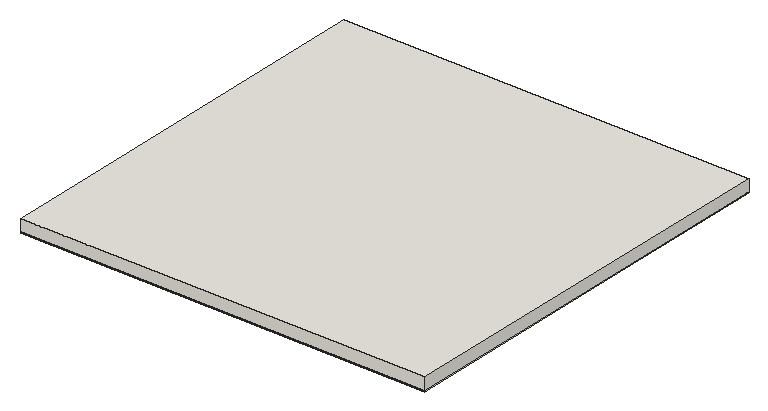
Revit family "ERA_LF_CS_SPO-6-36", category Осветительные приборы, Revit 2019 (continued)
Parameters (values of type "SPO-6-36-4K-M, LED, IP40, 595х595х19 мм (ДхШхВ), 36 Вт, 4000 К, 3060 лм, класс защиты I, в комплекте (импульсный драйвер, поликарбонат)")
    .12 137.92\r\n 135.06 133.21 133.21 130.05 129.00 128.40 128.40 128.80 129.10 127.60\r\n 125.59 123.89 123.89 122.29 119.98 117.63 116.68 116.88 117.23 117.68\r\n 115.83 115.12 115.12 113.62 112.27 110.51 108.31 106.56 106.16 106.21\r\n 107.11 106.01 106.01 105.15 104.10 102.90 101.05 99.29 96.74 95.59\r\n 95.94 96.14 96.14 96.24 95.19 94.13 93.13 91.58 89.52 87.77\r\n 85.27 85.22 85.22 85.22 85.97 85.17 83.96 83.16 81.71 79.70\r\n 75.35 74.29 74.29 73.79 73.94 74.09 74.24 73.14 72.14 70.69\r\n 67.13 64.53 64.53 63.07 62.17 62.02 62.17 62.42 61.72 60.52\r\n 57.46 55.86 55.86 53.50 51.65 50.40 50.10 50.10 50.45 50.15\r\n 48.04 46.19 46.19 44.54 42.13 40.33 38.68 38.32 37.97 38.37\r\n 37.17 36.27 36.27 34.57 32.76 30.16 28.05 26.50 25.70 25.40\r\n 26.15 25.30 25.30 24.55 22.74 21.04 18.84 16.43 15.38 14.73\r\n 14.73 14.88 14.88 14.63 13.93 12.02 9.32 7.92 5.91 5.21\r\n 6.01 7.51 7.51 8.57 9.07 8.87 8.17 7.41 6.16 5.41\r\n 5.71 6.66 6.66 7.92 9.02 9.22 9.07 8.27 6.81 6.16\r\n 5.56 0.00 0.00 0.00 0.00 0.00 0.00 0.00 0.00 0.00\r\n 0.00 0.00 0.00 0.00 0.00 0.00 0.00 0.00 0.00 0.00\r\n 0.00 0.00 0.00 0.00 0.00 0.00 0.00 0.00 0.00 0.00\r\n 0.00 0.00 0.00 0.00 0.00 0.00 0.00 0.00 0.00 0.00\r\n 0.00 0.00 0.00 0.00 0.00 0.00 0.00 0.00 0.00 0.00\r\n 0.00 0.00 0.00 0.00 0.00 0.00 0.00 0.00 0.00 0.00\r\n 0.00 0.00 0.00 0.00 0.00 0.00 0.00 0.00 0.00 0.00\r\n 0.00 0.00 0.00 0.00 0.00 0.00 0.00 0.00 0.00 0.00\r\n 0.00 0.00 0.00 0.00 0.00 0.00 0.00 0.00 0.00 0.00\r\n 0.00 0.00 0.00 0.00 0.00 0.00 0.00 0.00 0.00 0.00\r\n 0.00 0.00 0.00 0.00 0.00 0.00 0.00 0.00 0.00 0.00\r\n 0.00 0.00 0.00 0.00 0.00 0.00 0.00 0.00 0.00 0.00\r\n 0.00 0.00 0.00 0.00 0.00 0.00 0.00 0.00 0.00 0.00\r\n 0.00 0.00 0.00 0.00 0.00 0.00 0.00 0.00 0.00 0.00\r\n 0.00 0.00 0.00 0.00 0.00 0.00 0.00 0.00 0.00 0.00\r\n 0.00 0.00 0.00 0.00 0.00 0.00 0.00 0.00 0.00 0.00\r\n 0.00 0.00 0.00 0.00 0.00 0.00 0.00 0.00 0.00 0.00\r\n 0.00 0.00 0.00 0.00 0.00 0.00 0.00 0.00 0.00 0.00\r\n 0.00 0.00 0.00 0.00 0.00 0.00 0.00 0.00 0.00 0.00\r\n 0.00 0.00 0.00 0.00 0.00 0.00 0.00 0.00 0.00 0.00\r\n 0.00 0.00 0.00 0.00 0.00 0.00 0.00 0.00 0.00 0.00\r\n 0.00 0.00 0.00 0.00 0.00 0.00 0.00 0.00 0.00 0.00\r\n 0.00 0.00 0.00 0.00 0.00 0.00 0.00 0.00 0.00 0.00\r\n 0.00 0.00 0.00 0.00 0.00 0.00 0.00 0.00 0.00 0.00\r\n 0.00 0.00 0.00 0.00 0.00 0.00 0.00 0.00 0.00 0.00\r\n 0.00 0.00 0.00 0.00 0.00 0.00 0.00 0.00 0.00 0.00\r\n 0.00 0.00 0.00 0.00 0.00 0.00 0.00 0.00 0.00 0.00\r\n 0.00 0.00 0.00 0.00 0.00 0.00 0.00 0.00 0.00 0.00\r\n 0.00 0.00 0.00 0.00 0.00 0.00 0.00 0.00 0.00 0.00\r\n 0.00 0.00 0.00 0.00 0.00 0.00 0.00 0.00 0.00 0.00\r\n 0.00 0.00 0.00 0.00 0.00 0.00 0.00 0.00 0.00 0.00\r\n 0.00 0.00 0.00 0.00 0.00 0.00 0.00 0.00 0.00 0.00\r\n 0.00 0.00 0.00 0.00 0.00 0.00 0.00 0.00 0.00 0.00\r\n 0.00 0.00 0.00 0.00 0.00 0.00 0.00 0.00 0.00 0.00\r\n 0.00 0.00 0.00 0.00 0.00 0.00 0.00 0.00 0.00 0.00\r\n 0.00 0.00 0.00 0.00 0.00 0.00 0.00 0.00 0.00 0.00\r\n 0.00 0.00 0.00 0.00 0.00 0.00 0.00 0.00 0.00 0.00\r\n 0.00 0.00 0.00 0.00 0.00 0.00 0.00 0.00 0.00 0.00\r\n 0.00 0.00 0.00 0.00 0.00 0.00 0.00 0.00 0.00 0.00\r\n 0.00 0.00 0.00 0.00 0.00 0.00 0.00 0.00 0.00 0.00\r\n 0.00 0.00 0.00 0.00 0.00 0.00 0.00 0.00 0.00 0.00\r\n 0.00 0.00 0.00 0.00 0.00 0.00 0.00 0.00 0.00 0.00\r\n 0.00 0.00 0.00 0.00 0.00 0.00 0.00 0.00 0.00 0.00\r\n 0.00 0.00 0.00 0.00 0.00 0.00 0.00 0.00 0.00 0.00\r\n 0.00 0.00 0.00 0.00 0.00 0.00 0.00 0.00 0.00 0.00\r\n 0.00 0.00 0.00 0.00 0.00 0.00 0.00 0.00 0.00 0.00\r\n 0.00 0.00 0.00 0.00 0.00 0.00 0.00 0.00 0.00 0.00\r\n 0.00 0.00 0.00 0.00 0.00 0.00 0.00 0.00 0.00 0.00\r\n 0.00 0.00 0.00 0.00 0.00 0.00 0.00 0.00 0.00 0.00\r\n 0.00 0.00 0.00 0.00 0.00 0.00 0.00 0.00 0.00 0.00\r\n 0.00 0.00 0.00 0.00 0.00 0.00 0.00 0.00 0.00 0.00\r\n 0.00 0.00 0.00 0.00 0.00 0.00 0.00 0.00 0.00 0.00\r\n 0.00 0.00 0.00 0.00 0.00 0.00 0.00 0.00 0.00 0.00\r\n 0.00 0.00 0.00 0.00 0.00 0.00 0.00 0.00 0.00 0.00\r\n 0.00 0.00 0.00 0.00 0.00 0.00 0.00 0.00 0.00 0.00\r\n 0.00 0.00 0.00 0.00 0.00 0.00 0.00 0.00 0.00 0.00\r\n 0.00 0.00 0.00 0.00 0.00 0.00 0.00 0.00 0.00 0.00\r\n 0.00 0.00 0.00 0.00 0.00 0.00 0.00 0.00 0.00 0.00\r\n 0.00 0.00 0.00 0.00 0.00 0.00 0.00 0.00 0.00 0.00\r\n 0.00 0.00 0.00 0.00 0.00 0.00 0.00 0.00 0.00 0.00\r\n 0.00 0.00 0.00 0.00 0.00 0.00 0.00 0.00 0.00 0.00\r\n 0.00 0.00 0.00 0.00 0.00 0.00 0.00 0.00 0.00 0.00\r\n 0.00 0.00 0.00 0.00 0.00 0.00 0.00 0.00 0.00 0.00\r\n 0.00 0.00 0.00 0.00 0.00 0.00 0.00 0.00 0.00 0.00\r\n 0.00 0.00 0.00 0.00 0.00 0.00 0.00 0.00 0.00 0.00\r\n 0.00 0.00 0.00 0.00 0.00 0.00 0.00 0.00 0.00 0.00\r\n 0.00 0.00 0.00 0.00 0.00 0.00 0.00 0.00 0.00 0.00\r\n 0.00 0.00 0.00 0.00 0.00 0.00 0.00 0.00 0.00 0.00\r\n 0.00 0.00 0.00 0.00 0.00 0.00 0.00 0.00 0.00 0.00\r\n 0.00 0.00 0.00 0.00 0.00 0.00 0.00 0.00 0.00 0.00\r\n 0.00 0.00 0.00 0.00 0.00 0.00 0.00 0.00 0.00 0.00\r\n 0.00 0.00 0.00 0.00 0.00 0.00 0.00 0.00 0.00 0.00\r\n 0.00 0.00 0.00 0.00 0.00 0.00 0.00 0.00 0.00 0.00\r\n 0.00 0.00 0.00 0.00 0.00 0.00 0.00 0.00 0.00 0.00\r\n 0.00 0.00 0.00 0.00 0.00 0.00 0.00 0.00 0.00 0.00\r\n 0.00 0.00 0.00 0.00 0.00 0.00 0.00 0.00 0.00 0.00\r\n 0.00 0.00 0.00 0.00 0.00 0.00 0.00 0.00 0.00 0.00\r\n 0.00 0.00 0.00 0.00 0.00 0.00 0.00 0.00 0.00 0.00\r\n 0.00 0.00 0.00 0.00 0.00 0.00 0.00 0.00 0.00 0.00\r\n 0.00 0.00 0.00 0.00 0.00 0.00 0.00 0.00 0.00 0.00\r\n 0.00 0.00 0.00 0.00 0.00 0.00 0.00 0.00 0.00 0.00\r\n 0.00 0.00 0.00 0.00 0.00 0.00 0.00 0.00 0.00 0.00\r\n 0.00 0.00 0.00 0.00 0.00 0.00 0.00 0.00 0.00 0.00\r\n 0.00 0.00 0.00 0.00 0.00 0.00 0.00 0.00 0.00 0.00\r\n 0.00 0.00 0.00 0.00 0.00 0.00 0.00 0.00 0.00 0.00\r\n 0.00 0.00 0.00 0.00 0.00 0.00 0.00 0.00 0.00 0.00\r\n 0.00 0.00 0.00 0.00 0.00 0.00 0.00 0.00 0.00 0.00\r\n 0.00 0.00 0.00 0.00 0.00 0.00 0.00 0.00 0.00 0.00\r\n 0.00 0.00 0.00 0.00 0.00 0.00 0.00 0.00 0.00 0.00\r\n 0.00         \r\n1428.38 1432.23 1416.56 1420.37 1426.58 1423.62 1423.62 1427.33 1427.33 1432.23 \r\n 1419.02 1424.87 1430.28 1418.42 1425.57 1430.63 1428.38 1417.72 1423.12 1428.28\r\n 1423.92 1420.42 1427.93 1432.38 1421.27 1419.52 1423.97 1430.23 1419.32 1422.97\r\n 1428.13 1431.83 1417.42 1419.22 1424.97 1428.73 1416.41 1422.57 1428.28 1429.18\r\n 1414.36 1418.32 1418.32 1423.47 1426.12 1414.81 1421.72 1426.07 1422.87 1411.61\r\n 1420.12 1420.42 1420.42 1411.11 1417.57 1422.57 1420.97 1407.85 1411.31 1416.31\r\n 1406.85 1412.11 1412.11 1417.01 1417.87 1403.35 1406.20 1409.66 1414.21 1402.65\r\n 1410.16 1413.86 1413.86 1403.90 1398.64 1403.10 1407.15 1401.70 1397.24 1403.80\r\n 1404.70 1392.14 1395.29 1395.29 1399.95 1402.70 1389.78 1394.39 1398.99 1401.90\r\n 1386.53 1390.44 1394.29 1394.29 1391.54 1385.08 1389.78 1394.39 1395.14 1379.72\r\n 1385.38 1388.98 1382.78 1382.78 1379.67 1384.48 1388.33 1388.43 1373.27 1375.17\r\n 1382.48 1375.17 1372.92 1372.92 1377.22 1381.28 1381.98 1366.86 1367.51 1371.41\r\n 1373.17 1364.16 1369.36 1369.36 1373.07 1375.42 1362.55 1359.45 1362.65 1365.51\r\n 1357.55 1358.95 1363.51 1363.51 1366.16 1363.66 1350.99 1352.69 1355.30 1359.25\r\n 1347.89 1351.79 1355.65 1355.65 1358.25 1350.54 1341.73 1343.98 1346.99 1349.94\r\n 1338.68 1343.18 1346.74 1346.74 1348.19 1336.28 1331.87 1334.57 1337.03 1340.48\r\n 1329.12 1333.62 1336.23 1338.28 1329.12 1322.01 1324.26 1327.17 1329.82 1325.06\r\n 1318.16 1322.56 1325.76 1328.02 1322.76 1312.40 1313.70 1315.60 1319.01 1320.56\r\n 1308.85 1311.00 1314.40 1317.35 1318.26 1306.44 1302.34 1305.14 1307.24 1310.35\r\n 1306.29 1298.88 1302.94 1305.79 1308.14 1308.70 1295.18 1293.53 1296.13 1298.38\r\n 1301.59 1295.88 1289.92 1293.93 1296.58 1299.23 1299.18 1286.07 1284.12 1286.82\r\n 1289.17 1291.73 1286.62 1280.16 1283.82 1286.37 1289.17 1289.32 1277.06 1273.56\r\n 1275.81 1278.31 1280.46 1277.66 1268.70 1271.25 1274.06 1276.36 1277.26 1267.60\r\n 1260.29 1261.59 1263.04 1265.00 1264.75 1254.99 1254.13 1256.64 1258.89 1259.79\r\n 1254.84 1242.77 1242.77 1244.07 1245.28 1246.88 1239.52 1233.81 1236.17 1237.62\r\n 1238.77 1236.72 1222.00 1220.80 1221.65 1222.50 1224.15 1220.45 1210.64 1213.14\r\n 1214.79 1215.69 1215.19 1202.28 1197.77 1198.42 1199.27 1200.43 1199.67 1187.86\r\n 1189.06 1190.61 1191.77 1191.62 1181.60 1174.25 1174.35 1174.75 1176.10 1175.55\r\n 1165.24 1164.54 1166.34 1167.29 1167.69 1161.68 1151.12 1150.17 1150.97 1151.72\r\n 1152.77 1144.56 1140.36 1142.31 1143.16 1143.91 1140.11 1128.55 1126.34 1126.84\r\n 1127.55 1128.75 1122.49 1116.18 1118.08 1119.19 1119.74 1117.28 1104.02 1102.47\r\n 1102.97 1103.57 1104.77 1099.56 1092.36 1094.06 1095.31 1095.66 1092.86 1079.39\r\n 1078.19 1078.59 1079.14 1079.89 1073.19 1067.93 1069.63 1070.48 1070.58 1066.18\r\n 1054.81 1053.96 1054.46 1055.27 1055.72 1046.36 1044.90 1046.71 1047.56 1046.76\r\n 1038.40 1030.79 1030.94 1031.19 1032.04 1029.34 1020.73 1022.18 1023.28 1023.63\r\n 1019.93 1009.21 1006.96 1006.96 1007.66 1008.31 999.60 997.60 998.95 999.25\r\n 999.20 988.69 983.09 982.99 982.89 983.89 980.68 972.52 974.13 974.78\r\n 974.58 969.47 958.86 958.01 958.61 959.41 957.11 948.80 950.25 951.25\r\n 951.35 946.55 936.53 935.63 935.48 936.23 932.63 925.82 927.47 928.18\r\n 928.18 923.92 913.16 912.96 912.96 913.46 909.65 903.55 905.15 905.60\r\n 905.45 897.14 890.48 890.08 890.08 891.03 882.67 881.07 882.62 882.82\r\n 881.52 871.81 867.51 867.31 867.66 866.86 858.60 859.50 860.20 860.15\r\n 856.70 845.58 845.18 844.93 845.53 841.03 836.32 837.68 837.78 837.02\r\n 825.76 822.71 822.46 822.61 821.61 813.55 814.40 815.40 814.90 808.49\r\n 801.18 800.58 800.28 800.88 794.38 792.53 793.28 793.28 788.57 779.41\r\n 778.26 778.01 778.46 773.90 769.95 770.90 770.90 768.35 758.34 755.98\r\n 755.68 755.83 753.13 747.13 748.13 748.08 745.97 737.01 733.01 732.46\r\n 732.21 731.26 723.50 724.45 724.15 723.40 715.79 709.83 709.28 708.93\r\n 708.58 700.67 701.12 701.07 700.27 694.62 686.91 686.11 685.46 685.31\r\n 677.65 677.95 678.15 677.70 672.19 663.93 663.48 662.68 662.73 655.62\r\n 655.22 655.47 654.87 650.07 641.46 639.91 639.36 639.06 632.20 631.80\r\n 631.60 631.10 625.24 617.88 616.48 615.63 615.33 608.27 608.37 608.02\r\n 607.32 600.66 594.61 593.05 592.25 591.60 584.75 585.35 585.10 583.54\r\n 575.19 571.18 569.93 569.53 567.58 562.52 563.12 562.17 560.47 550.86\r\n 548.56 547.30 547.20 542.50 540.60 540.65 539.50 535.84 527.48 525.68\r\n 524.68 524.28 517.82 518.07 517.42 515.72 509.46 503.66 502.30 501.60\r\n 500.10 494.85 495.10 494.35 491.19 483.23 480.58 479.28 478.83 474.07\r\n 472.62 472.27 470.67 463.56 459.01 457.31 456.55 454.55 450.70 450.95\r\n 450.10 447.44 439.03 437.28 436.18 435.68 430.33 430.58 429.57 427.72\r\n 419.36 416.86 415.51 414.66 410.50 410.25 409.75 407.90 401.79 397.49\r\n 396.19 395.49 391.08 390.63 390.03 388.28 380.57 377.27 375.41 374.96\r\n 370.56 370.31 369.61 367.61 361.00 357.59 355.99 355.64 351.74 351.14\r\n 350.94 348.18 340.28 338.52 337.12 336.22 332.92 332.77 331.67 328.11\r\n 321.91 320.15 319.90 316.65 316.80 316.00 314.15 306.99 304.84 303.69\r\n 301.43 300.23 300.23 299.68 298.58 291.97 289.42 288.22 288.02 285.01\r\n 284.41 278.56 278.56 275.40 273.85 273.45 270.70 271.00 269.60 265.39\r\n 259.74 259.69 259.69 257.48 257.63 256.63 252.08 248.17 247.32 246.82\r\n 245.32 243.22 243.22 237.76 235.41 235.16 233.31 233.86 233.51 231.16\r\n 224.70 224.80 224.80 223.15 223.90 222.30 217.29 214.54 214.39 212.68\r\n 212.99 208.83 208.83 205.83 204.68 204.83 204.08 204.48 202.77 197.87\r\n 195.87 194.66 194.66 195.47 194.56 189.91 187.71 187.26 186.91 187.31\r\n 184.95 180.45 180.45 179.45 180.00 179.30 179.55 178.35 173.24 172.14\r\n 171.84 172.79 172.79 171.94 167.69 165.63 165.63 165.13 165.98 165.68\r\n 159.28 159.03 159.03 158.88 159.63 159.53 157.12 153.72 152.47 153.07\r\n 153.67 152.52 152.52 148.01 146.61 146.61 146.26 147.26 146.91 143.86\r\n 140.35 140.56 140.56 140.86 141.46 140.10 136.05 134.65 134.60 134.35\r\n 134.80 132.45 132.45 129.24 128.24 128.59 128.44 129.34 128.69 124.84\r\n 122.39 122.18 122.18 123.19 123.14 121.23 117.28 116.28 116.63 117.08\r\n 116.18 112.77 112.77 110.72 110.72 110.92 112.12 110.92 107.02 105.02\r\n 104.87 105.97 105.97 105.57 101.56 99.41 99.16 98.86 100.21 99.21\r\n 93.15 92.80 92.80 92.90 93.85 92.95 89.40 86.85 86.80 86.60\r\n 86.10 81.84 81.84 80.54 80.54 81.04 81.24 79.59 75.23 74.28\r\n 75.48 74.68 74.68 70.88 68.78 68.58 68.98 69.38 67.02 63.57\r\n 62.52 63.72 63.72 62.12 58.87 56.81 56.51 57.31 57.41 55.36\r\n 50.21 50.56 50.56 51.76 50.56 46.75 44.60 44.70 45.70 45.30\r\n 39.44 38.24 38.24 38.64 39.59 38.39 34.69 32.29 32.19 33.24\r\n 29.53 26.68 26.68 25.33 25.78 26.23 24.63 21.12 18.12 18.02\r\n 18.52 15.87 15.87 12.71 10.76 11.06 12.21 11.11 8.36 5.51\r\n 7.56 8.86 8.86 8.26 6.36 5.01 6.36 8.26 9.06 7.76\r\n 5.31 7.86 7.86 9.41 8.86 7.26 5.31 6.26 8.16 9.41\r\n 6.51 5.86 5.86 7.11 8.76 9.41 7.61 6.11 5.71 7.26\r\n 9.61 0.00 0.00 0.00 0.00 0.00 0.00 0.00 0.00 0.00\r\n 0.00 0.00 0.00 0.00 0.00 0.00 0.00 0.00 0.00 0.00\r\n 0.00 0.00 0.00 0.00 0.00 0.00 0.00 0.00 0.00 0.00\r\n 0.00 0.00 0.00 0.00 0.00 0.00 0.00 0.00 0.00 0.00\r\n 0.00 0.00 0.00 0.00 0.00 0.00 0.00 0.00 0.00 0.00\r\n 0.00 0.00 0.00 0.00 0.00 0.00 0.00 0.00 0.00 0.00\r\n 0.00 0.00 0.00 0.00 0.00 0.00 0.00 0.00 0.00 0.00\r\n 0.00 0.00 0.00 0.00 0.00 0.00 0.00 0.00 0.00 0.00\r\n 0.00 0.00 0.00 0.00 0.00 0.00 0.00 0.00 0.00 0.00\r\n 0.00 0.00 0.00 0.00 0.00 0.00 0.00 0.00 0.00 0.00\r\n 0.00 0.00 0.00 0.00 0.00 0.00 0.00 0.00 0.00 0.00\r\n 0.00 0.00 0.00 0.00 0.00 0.00 0.00 0.00 0.00 0.00\r\n 0.00 0.00 0.00 0.00 0.00 0.00 0.00 0.00 0.00 0.00\r\n 0.00 0.00 0.00 0.00 0.00 0.00 0.00 0.00 0.00 0.00\r\n 0.00 0.00 0.00 0.00 0.00 0.00 0.00 0.00 0.00 0.00\r\n 0.00 0.00 0.00 0.00 0.00 0.00 0.00 0.00 0.00 0.00\r\n 0.00 0.00 0.00 0.00 0.00 0.00 0.00 0.00 0.00 0.00\r\n 0.00 0.00 0.00 0.00 0.00 0.00 0.00 0.00 0.00 0.00\r\n 0.00 0.00 0.00 0.00 0.00 0.00 0.00 0.00 0.00 0.00\r\n 0.00 0.00 0.00 0.00 0.00 0.00 0.00 0.00 0.00 0.00\r\n 0.00 0.00 0.00 0.00 0.00 0.00 0.00 0.00 0.00 0.00\r\n 0.00 0.00 0.00 0.00 0.00 0.00 0.00 0.00 0.00 0.00\r\n 0.00 0.00 0.00 0.00 0.00 0.00 0.00 0.00 0.00 0.00\r\n 0.00 0.00 0.00 0.00 0.00 0.00 0.00 0.00 0.00 0.00\r\n 0.00 0.00 0.00 0.00 0.00 0.00 0.00 0.00 0.00 0.00\r\n 0.00 0.00 0.00 0.00 0.00 0.00 0.00 0.00 0.00 0.00\r\n 0.00 0.00 0.00 0.00 0.00 0.00 0.00 0.00 0.00 0.00\r\n 0.00 0.00 0.00 0.00 0.00 0.00 0.00 0.00 0.00 0.00\r\n 0.00 0.00 0.00 0.00 0.00 0.00 0.00 0.00 0.00 0.00\r\n 0.00 0.00 0.00 0.00 0.00 0.00 0.00 0.00 0.00 0.00\r\n 0.00 0.00 0.00 0.00 0.00 0.00 0.00 0.00 0.00 0.00\r\n 0.00 0.00 0.00 0.00 0.00 0.00 0.00 0.00 0.00 0.00\r\n 0.00 0.00 0.00 0.00 0.00 0.00 0.00 0.00 0.00 0.00\r\n 0.00 0.00 0.00 0.00 0.00 0.00 0.00 0.00 0.00 0.00\r\n 0.00 0.00 0.00 0.00 0.00 0.00 0.00 0.00 0.00 0.00\r\n 0.00 0.00 0.00 0.00 0.00 0.00 0.00 0.00 0.00 0.00\r\n 0.00 0.00 0.00 0.00 0.00 0.00 0.00 0.00 0.00 0.00\r\n 0.00 0.00 0.00 0.00 0.00 0.00 0.00 0.00 0.00 0.00\r\n 0.00 0.00 0.00 0.00 0.00 0.00 0.00 0.00 0.00 0.00\r\n 0.00 0.00 0.00 0.00 0.00 0.00 0.00 0.00 0.00 0.00\r\n 0.00 0.00 0.00 0.00 0.00 0.00 0.00 0.00 0.00 0.00\r\n 0.00 0.00 0.00 0.00 0.00 0.00 0.00 0.00 0.00 0.00\r\n 0.00 0.00 0.00 0.00 0.00 0.00 0.00 0.00 0.00 0.00\r\n 0.00 0.00 0.00 0.00 0.00 0.00 0.00 0.00 0.00 0.00\r\n 0.00 0.00 0.00 0.00 0.00 0.00 0.00 0.00 0.00 0.00\r\n 0.00 0.00 0.00 0.00 0.00 0.00 0.00 0.00 0.00 0.00\r\n 0.00 0.00 0.00 0.00 0.00 0.00 0.00 0.00 0.00 0.00\r\n 0.00 0.00 0.00 0.00 0.00 0.00 0.00 0.00 0.00 0.00\r\n 0.00 0.00 0.00 0.00 0.00 0.00 0.00 0.00 0.00 0.00\r\n 0.00 0.00 0.00 0.00 0.00 0.00 0.00 0.00 0.00 0.00\r\n 0.00 0.00 0.00 0.00 0.00 0.00 0.00 0.00 0.00 0.00\r\n 0.00 0.00 0.00 0.00 0.00 0.00 0.00 0.00 0.00 0.00\r\n 0.00 0.00 0.00 0.00 0.00 0.00 0.00 0.00 0.00 0.00\r\n 0.00 0.00 0.00 0.00 0.00 0.00 0.00 0.00 0.00 0.00\r\n 0.00 0.00 0.00 0.00 0.00 0.00 0.00 0.00 0.00 0.00\r\n 0.00 0.00 0.00 0.00 0.00 0.00 0.00 0.00 0.00 0.00\r\n 0.00 0.00 0.00 0.00 0.00 0.00 0.00 0.00 0.00 0.00\r\n 0.00 0.00 0.00 0.00 0.00 0.00 0.00 0.00 0.00 0.00\r\n 0.00 0.00 0.00 0.00 0.00 0.00 0.00 0.00 0.00 0.00\r\n 0.00 0.00 0.00 0.00 0.00 0.00 0.00 0.00 0.00 0.00\r\n 0.00 0.00 0.00 0.00 0.00 0.00 0.00 0.00 0.00 0.00\r\n 0.00 0.00 0.00 0.00 0.00 0.00 0.00 0.00 0.00 0.00\r\n 0.00 0.00 0.00 0.00 0.00 0.00 0.00 0.00 0.00 0.00\r\n 0.00 0.00 0.00 0.00 0.00 0.00 0.00 0.00 0.00 0.00\r\n 0.00 0.00 0.00 0.00 0.00 0.00 0.00 0.00 0.00 0.00\r\n 0.00 0.00 0.00 0.00 0.00 0.00 0.00 0.00 0.00 0.00\r\n 0.00 0.00 0.00 0.00 0.00 0.00 0.00 0.00 0.00 0.00\r\n 0.00 0.00 0.00 0.00 0.00 0.00 0.00 0.00 0.00 0.00\r\n 0.00 0.00 0.00 0.00 0.00 0.00 0.00 0.00 0.00 0.00\r\n 0.00 0.00 0.00 0.00 0.00 0.00 0.00 0.00 0.00 0.00\r
